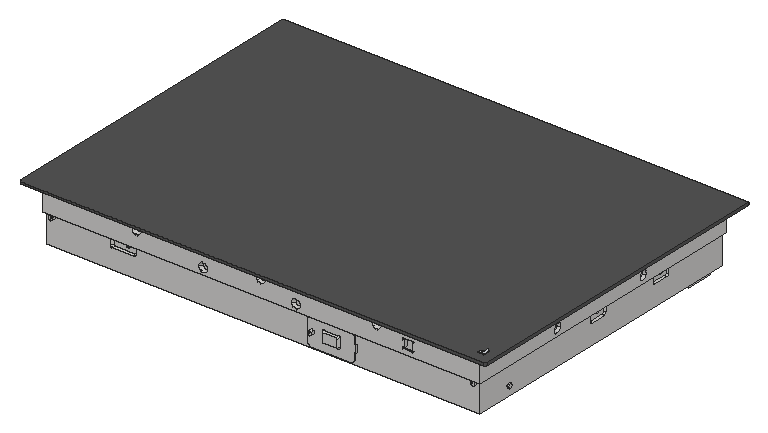
Revit family "P210876JX-013_JEC4430KB", category Specialty Equipment, Revit 2026
Family settings
  Round Connector Dimension = Use Diameter
  Part Type = Normal
  Work Plane-Based = No
  Enable Cutting in Views = No
  Always vertical = Yes
  Cut with Voids When Loaded = No
  Maintain Annotation Orientation = No
  Shared = No
  Room Calculation Point = No
Parameters (values of type "JEC4430KB")
  Width = 30 13/16"
  Voltage = 0 V
  URL = ""
  Side Border Material = ARCAT - Metal - Steel - Stainless Black
  Model = "JEC4430KB"
  Manufacturer = "JennAir"
  Logo Material = ARCAT - Metal - Steel - White
  Installation-Fabrication = "https://www.whirlpool.com/content/dam/global/documents/202005/installation-instructions-w11439183-reva.pdf\r\nhttps://www.whirlpool.com/content/dam/global/documents/202005/installation-instructions-w11439183-reva.pdf"
  Height = 5 1/4"
  Feature 3 = "12\"/9\"/6\" Triple-Choice™ Element\r\nÉlément Triple-Choice™ de 12 po/9 po/6 po"
  Feature 2 = "Versatile Installation\r\nVersatile Installation"
  Feature 1 = "Most Powerful Radiant Cooktop In Its Class\r\nMost Powerful Radiant Cooktop In Its Class"
  Family Name = "Electric Built-In Cooktop"
  Energy Guide = ""
  Drawn By = ""
  Dimension Guide = ""
  Description = "Oblivion 30\" Electric Radiant Cooktop with Emotive Controls\r\nOblivion 30\" Electric Radiant Cooktop with Emotive Controls"
  Depth = 21 3/4"
  Default Elevation = 0"
  Copyright = ""
  Cooktop Glass Material = ARCAT - Glass - Tempered - Black Light
  Body Material = ARCAT - Metal - Steel - Stainless
  Amps = 0 A
Reference planes (in)
  plane 1 "Center (Front/Back)": y = 0
  plane 2: z = 0
  plane 3 "Center (Left/Right)": x = 0
  plane 4: z = 0
  plane 5: z = 0
  plane 6: z = 3.75
  plane 7: x = 15.40625
  plane 8: x = -15.40625
  plane 9: y = -21.75
  plane 10: z = -1.5
Forms (in)
  Extrusion 1, solid, material "ARCAT - Metal - Steel - Stainless" <- "Body Material"
    sketch origin (-60.41868, -180, 3.4) x (-1, 0, 0) y (0, -1, 0)
      loop
        line (-45.98373, -179.28617) -> (-45.98373, -158.96383) -> (-74.85363, -158.96383) -> (-74.85363, -179.28617) -> (-45.98373, -179.28617)
    from -1.48011 to 0.13008
  Extrusion 2, solid, material "ARCAT - Metal - Steel - Stainless" <- "Body Material"
    sketch origin (-60.41868, -180, 1.95) x (-1, 0, 0) y (0, -1, 0)
      loop
        line (-74.70325, -179.10613) -> (-46.13411, -179.10613) -> (-46.13411, -159.14387) -> (-74.70325, -159.14387) -> (-74.70325, -179.10613)
    from -1.95 to -0.03011
  Blend 3, void
    base sketch origin (14.43495, -1.49508, 2.55117) x (0, 1, 0) y (0, 0, -1)
      loop
        circle (-15.93157, -0.46189) r 0.29844
    top sketch origin (14.43495, -1.49508, 2.55117) x (0, -1, 0) y (0, 0, -1)
      loop
        circle (15.93157, -0.46189) r 0.14844
    from 0 to 0.19922
  Blend 4, void
    base sketch origin (-25.59375, -21.03617, 3.65) x (-1, 0, 0) y (0, 0, 1)
      loop
        circle (-17.37755, -0.59831) r 0.30058
    top sketch origin (-25.59375, -21.03617, 3.65) x (-1, 0, 0) y (0, 0, 1)
      loop
        circle (-17.37755, -0.59831) r 0.19922
    from 0 to 0.19922
  Blend 5, void
    base sketch origin (-15.63998, -21.03617, 3.12955) x (-1, 0, 0) y (0, 0, 1)
      loop
        circle (-11.83495, -0.7585) r 0.30058
    top sketch origin (-15.63998, -21.03617, 3.12955) x (-1, 0, 0) y (0, 0, 1)
      loop
        circle (-11.83495, -0.7585) r 0.19922
    from 0 to 0.19922
  Blend 6, void
    base sketch origin (25.03125, -21.03617, 3.65) x (1, 0, 0) y (0, 0, -1)
      loop
        circle (-17.37755, 0.59831) r 0.30058
    top sketch origin (25.03125, -21.03617, 3.65) x (1, 0, 0) y (0, 0, -1)
      loop
        circle (-17.37755, 0.59831) r 0.19922
    from 0 to 0.19922
  Extrusion 7, solid, material "ARCAT - Metal - Steel - Stainless" <- "Body Material"
    sketch origin (13.16406, -20.85613, 1.95) x (-1, 0, 0) y (0, 0, -1)
      loop
        line (10.0177, 0.08015) -> (10.1862, 0.24865) -> (10.1862, 1.719) -> (10.0177, 1.8875) -> (7.28143, 1.8875) -> (7.11293, 1.719) -> (7.11293, 1.219) -> (7.02209, 1.219) -> (7.02209, 0.71854) -> (7.11293, 0.71854) -> (7.11293, 0.24865) -> (7.28143, 0.08015) -> (10.0177, 0.08015)
    from 0 to 0.02481
  Blend 8, solid, material "ARCAT - Metal - Steel - Stainless" <- "Body Material"
    base sketch origin (13.04754, -20.88094, 4.08405) x (-1, 0, 0) y (0, 0, -1)
      loop
        arc (9.04273, 2.72783) -> (9.07587, 2.74155) -> (9.0896, 2.7747) r 0.04688
        line (9.0896, 2.7747) -> (9.0896, 3.43095)
        arc (9.0896, 3.43095) -> (9.07587, 3.4641) -> (9.04273, 3.47783) r 0.04688
        line (9.04273, 3.47783) -> (8.02337, 3.47783)
        arc (8.02337, 3.47783) -> (7.99022, 3.4641) -> (7.97649, 3.43095) r 0.04688
        line (7.97649, 3.43095) -> (7.97649, 2.7747)
        arc (7.97649, 2.7747) -> (7.99022, 2.74155) -> (8.02337, 2.72783) r 0.04688
        line (8.02337, 2.72783) -> (9.04273, 2.72783)
    top sketch origin (13.04754, -20.88094, 4.08405) x (-1, 0, 0) y (0, 0, -1)
      loop
        line (9.01929, 2.84501) -> (9.01929, 3.36064)
        arc (9.01929, 3.36064) -> (9.00556, 3.39378) -> (8.97242, 3.40751) r 0.04688
        line (8.97242, 3.40751) -> (8.09368, 3.40751)
        arc (8.09368, 3.40751) -> (8.06053, 3.39378) -> (8.0468, 3.36064) r 0.04688
        line (8.0468, 3.36064) -> (8.0468, 2.84501)
        arc (8.0468, 2.84501) -> (8.06053, 2.81187) -> (8.09368, 2.79814) r 0.04688
        line (8.09368, 2.79814) -> (8.97242, 2.79814)
        arc (8.97242, 2.79814) -> (9.00556, 2.81187) -> (9.01929, 2.84501) r 0.04688
    from 0 to 0.13144
  Extrusion 9, solid, material "ARCAT - Metal - Steel - Stainless" <- "Body Material"
    sketch origin (13.17969, -20.88094, 1.95) x (-1, 0, 0) y (0, 0, -1)
      loop
        line (10.08049, 0.89697) -> (10.08049, 1.04058) -> (9.95612, 1.11238) -> (9.83175, 1.04058) -> (9.83175, 0.89697) -> (9.95612, 0.82516) -> (10.08049, 0.89697)
      loop
        circle (9.95612, 0.96877) r 0.06531
    from 0 to 0.16605
  Extrusion 10, solid, material "ARCAT - Metal - Steel - Stainless" <- "Body Material"
    sketch origin (16.75781, -20.85613, 2.12187) x (-1, 0, 0) y (0, 0, -1)
      loop
        line (30.80666, 0.321) -> (30.80666, 0.46534) -> (30.68166, 0.53751) -> (30.55666, 0.46534) -> (30.55666, 0.321) -> (30.68166, 0.24883) -> (30.80666, 0.321)
      loop
        circle (30.68166, 0.39317) r 0.04258
    from 0 to 0.13726
  Blend 11, void
    base sketch origin (14.43495, -20.31742, 2.55117) x (0, -1, 0) y (0, 0, 1)
      loop
        circle (-15.77532, 0.46189) r 0.29844
    top sketch origin (14.43495, -20.31742, 2.55117) x (0, 1, 0) y (0, 0, 1)
      loop
        circle (15.77532, 0.46189) r 0.14844
    from 0 to 0.19922
  Blend 12, void
    base sketch origin (14.43495, 1.33055, 2.0845) x (0, 1, 0) y (0, 0, -1)
      loop
        circle (-15.93157, -0.3017) r 0.29844
    top sketch origin (14.43495, 1.33055, 2.0845) x (0, -1, 0) y (0, 0, -1)
      loop
        circle (15.93157, -0.3017) r 0.14844
    from 0 to 0.19922
  Blend 13, void
    base sketch origin (14.43495, -23.33055, 2.0845) x (0, -1, 0) y (0, 0, 1)
      loop
        circle (-15.77532, 0.3017) r 0.29844
    top sketch origin (14.43495, -23.33055, 2.0845) x (0, 1, 0) y (0, 0, 1)
      loop
        circle (15.77532, 0.3017) r 0.14844
    from 0 to 0.19922
  Blend 14, void
    base sketch origin (-11.4747, -20.85613, 1.95) x (1, 0, 0) y (0, 0, -1)
      loop
        line (1.48139, 0.03011) -> (3.00313, 0.03011) -> (3.00313, 0.4561)
        arc (3.00313, 0.4561) -> (2.9723, 0.53053) -> (2.89787, 0.56136) r 0.10526
        line (2.89787, 0.56136) -> (1.58665, 0.56136)
        arc (1.58665, 0.56136) -> (1.51222, 0.53053) -> (1.48139, 0.4561) r 0.10526
        line (1.48139, 0.4561) -> (1.48139, 0.03011)
    top sketch origin (-11.4747, -20.85613, 1.95) x (-1, 0, 0) y (0, 0, -1)
      loop
        line (-1.36726, 0.03011) -> (-1.36726, 0.51136)
        arc (-1.36726, 0.51136) -> (-1.41165, 0.61853) -> (-1.51882, 0.66292) r 0.15156
        line (-1.51882, 0.66292) -> (-2.9657, 0.66292)
        arc (-2.9657, 0.66292) -> (-3.07287, 0.61853) -> (-3.11726, 0.51136) r 0.15156
        line (-3.11726, 0.51136) -> (-3.11726, 0.03011) -> (-1.36726, 0.03011)
    from 0.125 to 0
  Extrusion 15, solid, material "ARCAT - Metal - Steel - Stainless" <- "Body Material"
    sketch origin (-12.03452, -20.73113, 1.91875) x (-1, 0, 0) y (0, 0, -1)
      loop
        line (-3.03182, 0.0836) -> (-3.03182, 0.19476) -> (-3.1281, 0.25035) -> (-3.22437, 0.19476) -> (-3.22437, 0.0836) -> (-3.1281, 0.02801) -> (-3.03182, 0.0836)
      loop
        circle (-3.1281, 0.13918) r 0.0328
    from 0 to 0.125
  Extrusion 16, solid, material "ARCAT - Metal - Steel - Stainless" <- "Body Material"
    sketch origin (14.15957, 13.55848, 1.95) x (0, -1, 0) y (0, 0, -1)
      loop
        line (19.53792, 0.10427) -> (19.53792, 0.20888) -> (19.44733, 0.26118) -> (19.35674, 0.20888) -> (19.35674, 0.10427) -> (19.44733, 0.05197) -> (19.53792, 0.10427)
      loop
        circle (19.44733, 0.15657) r 0.0328
    from 0 to 0.125
  Blend 17, void
    base sketch origin (-14.60625, -0.6875, 3.7125) x (-1, 0, 0) y (0, 0, -1)
      loop
        circle (-14.60625, 0.72839) r 0.30058
    top sketch origin (-14.60625, -0.6875, 3.7125) x (-1, 0, 0) y (0, 0, -1)
      loop
        circle (-14.60625, 0.72839) r 0.19922
    from 0 to 0.19922
  Extrusion 18, void
    sketch origin (-19.87755, -0.6875, 3.4) x (-1, 0, 0) y (0, 0, -1)
      loop
        line (-29.92152, 1.19027) -> (-29.97945, 1.19027)
        arc (-29.97945, 1.19027) -> (-30.03644, 1.13328) -> (-29.97945, 1.07628) r 0.05699
        line (-29.97945, 1.07628) -> (-29.86924, 1.07628) -> (-29.86924, 0.64391) -> (-29.97945, 0.64391)
        arc (-29.97945, 0.64391) -> (-30.03644, 0.58692) -> (-29.97945, 0.52992) r 0.05699
        line (-29.97945, 0.52992) -> (-29.86924, 0.52992) -> (-29.26224, 0.52992)
        arc (-29.26224, 0.52992) -> (-29.20524, 0.58692) -> (-29.26224, 0.64391) r 0.05699
        line (-29.26224, 0.64391) -> (-29.37245, 0.64391) -> (-29.37245, 1.07628) -> (-29.26224, 1.07628)
        arc (-29.26224, 1.07628) -> (-29.20524, 1.13328) -> (-29.26224, 1.19027) r 0.05699
        line (-29.26224, 1.19027) -> (-29.92152, 1.19027)
    from 0 to 0.15625
  Extrusion 19, solid, material "ARCAT - Metal - Steel - Stainless" <- "Body Material"
    sketch origin (16.75781, -0.89387, 1.95) x (-1, 0, 0) y (0, 0, 1)
      loop
        line (30.80666, -0.14913) -> (30.68166, -0.07696) -> (30.55666, -0.14913) -> (30.55666, -0.29346) -> (30.68166, -0.36563) -> (30.80666, -0.29346) -> (30.80666, -0.14913)
      loop
        circle (30.68166, -0.22129) r 0.04258
    from 0 to 0.13672
  Extrusion 20, solid, material "ARCAT - Metal - Steel - Stainless" <- "Body Material"
    sketch origin (19.35156, -1.01887, 1.95) x (-1, 0, 0) y (0, 0, 1)
      loop
        line (28.73799, -0.14724) -> (28.64172, -0.09165) -> (28.54544, -0.14724) -> (28.54544, -0.25841) -> (28.64172, -0.31399) -> (28.73799, -0.25841) -> (28.73799, -0.14724)
      loop
        circle (28.64172, -0.20282) r 0.0328
    from 0 to 0.125
  Blend 21, void
    base sketch origin (12.01732, -0.6875, 3.12955) x (1, 0, 0) y (0, 0, 1)
      loop
        circle (-14.60625, -0.72839) r 0.30058
    top sketch origin (12.01732, -0.6875, 3.12955) x (1, 0, 0) y (0, 0, 1)
      loop
        circle (-14.60625, -0.72839) r 0.19922
    from 0 to 0.19922
  Blend 22, void
    base sketch origin (-14.43495, -1.625, 3.4) x (0, 1, 0) y (0, 0, 1)
      loop
        circle (-15.80165, -0.38694) r 0.29844
    top sketch origin (-14.43495, -1.625, 3.4) x (0, -1, 0) y (0, 0, 1)
      loop
        circle (15.80165, -0.38694) r 0.14844
    from 0 to 0.19922
  Blend 23, void
    base sketch origin (-14.43495, -0.75, 3.4) x (0, 1, 0) y (0, 0, 1)
      loop
        circle (-3.7921, -0.38694) r 0.29844
    top sketch origin (-14.43495, -0.75, 3.4) x (0, -1, 0) y (0, 0, 1)
      loop
        circle (3.7921, -0.38694) r 0.14844
    from 0 to 0.19922
  Blend 24, void
    base sketch origin (-14.43495, -1.625, 3.4) x (0, 1, 0) y (0, 0, 1)
      loop
        circle (-12.97602, -1.01379) r 0.29844
    top sketch origin (-14.43495, -1.625, 3.4) x (0, -1, 0) y (0, 0, 1)
      loop
        circle (12.97602, -1.01379) r 0.14844
    from 0 to 0.19922
  Blend 25, void
    base sketch origin (-14.43495, -1.125, 3.4) x (0, 1, 0) y (0, 0, 1)
      loop
        circle (-6.43023, -1.01379) r 0.29844
    top sketch origin (-14.43495, -1.125, 3.4) x (0, -1, 0) y (0, 0, 1)
      loop
        circle (6.43023, -1.01379) r 0.14844
    from 0 to 0.19922
  Extrusion 26, solid, material "ARCAT - Glass - Tempered - Black Light" <- "Cooktop Glass Material"
    sketch origin (-17.73791, -0.5, 3.65989) x (0, -1, 0) y (1, 0, 0)
      loop
        arc (-0.5, 2.43323) -> (-0.47025, 2.36141) -> (-0.39844, 2.33166) r 0.10156
        line (-0.39844, 2.33166) -> (21.14844, 2.33166)
        arc (21.14844, 2.33166) -> (21.22025, 2.36141) -> (21.25, 2.43323) r 0.10156
        line (21.25, 2.43323) -> (21.25, 33.0426)
        arc (21.25, 33.0426) -> (21.22025, 33.11442) -> (21.14844, 33.14416) r 0.10156
        line (21.14844, 33.14416) -> (-0.39844, 33.14416)
        arc (-0.39844, 33.14416) -> (-0.47025, 33.11442) -> (-0.5, 33.0426) r 0.10156
        line (-0.5, 33.0426) -> (-0.5, 2.43323)
    from -0.05994 to 0.09011
  Extrusion 27, solid, material "ARCAT - Metal - Steel - Stainless" <- "Body Material"
    sketch origin (0, 10.7608, -0.22093) x (0, 1, 0) y (-1, 0, 0)
      loop
        line (-28.25301, 11.32759) -> (-30.02838, 9.55222) -> (-30.02838, -9.42722) -> (-28.25301, -11.20259) -> (-15.92546, -11.20259) -> (-14.15009, -9.42722) -> (-14.15009, -1.89095) -> (-14.43043, -1.61061) -> (-16.65009, -1.61061) -> (-16.65009, 2.61061) -> (-14.43043, 2.61061) -> (-14.15009, 2.89095) -> (-14.15009, 7.04725) -> (-14.43043, 7.32759) -> (-16.65009, 7.32759) -> (-16.65009, 11.04725) -> (-16.93043, 11.32759) -> (-28.25301, 11.32759)
      loop
        circle (-17.5982, 7.91306) r 0.38834
      loop
        circle (-15.73896, -6.50497) r 0.38834
      loop
        circle (-28.06451, -1.75497) r 0.38834
      loop
        circle (-22.26135, -0.05226) r 0.38834
      loop
        circle (-22.93884, -8.54604) r 0.38834
      loop
        circle (-28.06451, 7.91306) r 0.38834
    from 0 to -0.04012
  Revolve 28, solid, material "ARCAT - Metal - Steel - Stainless" <- "Body Material"
    sketch origin (19.22767, -17.3037, 3.4) x (-1, 0, 0) y (0, 0, -1)
      loop
        arc (27.22125, 3.4) -> (27.29919, 3.41147) -> (27.37053, 3.4449) r 0.27063
        arc (27.37053, 3.4449) -> (27.43699, 3.50321) -> (27.48535, 3.57722) r 0.32629
        arc (27.48535, 3.57722) -> (27.50343, 3.60285) -> (27.52906, 3.62093) r 0.09202
        line (27.52906, 3.62093) -> (27.14072, 3.62093) -> (27.14072, 3.4) -> (27.22125, 3.4)
      axis (27.14072, 3.4) -> (27.14072, 3.62093)
    angle from 0 to 360
  Blend 29, void
    base sketch origin (-10.64232, -0.6875, 3.12955) x (-1, 0, 0) y (0, 0, -1)
      loop
        circle (-14.60625, 0.72839) r 0.30058
    top sketch origin (-10.64232, -0.6875, 3.12955) x (-1, 0, 0) y (0, 0, -1)
      loop
        circle (-14.60625, 0.72839) r 0.19922
    from 0 to 0.19922
  Blend 30, void
    base sketch origin (23.09375, -0.6875, 3.7125) x (1, 0, 0) y (0, 0, 1)
      loop
        circle (-14.60625, -0.72839) r 0.30058
    top sketch origin (23.09375, -0.6875, 3.7125) x (1, 0, 0) y (0, 0, 1)
      loop
        circle (-14.60625, -0.72839) r 0.19922
    from 0 to 0.19922
  Extrusion 31, solid, material "ARCAT - Metal - Steel - Stainless" <- "Body Material"
    sketch origin (-17.73791, -0.5, 3.59995) x (1, 0, 0) y (0, -1, 0)
      loop
        line (3.30296, 0.21383) -> (3.30296, -0.14597) -> (3.44226, -0.28526) -> (32.03357, -0.28526) -> (32.17286, -0.14597) -> (32.17286, 0.21383) -> (3.30296, 0.21383)
      loop
        line (3.30296, 20.53617) -> (32.17286, 20.53617) -> (32.17286, 20.89597) -> (32.03357, 21.03526) -> (3.44226, 21.03526) -> (3.30296, 20.89597) -> (3.30296, 20.53617)
    from 0 to 0.06987
  Extrusion 32, solid, material "ARCAT - Metal - Steel - Stainless" <- "Body Material"
    sketch origin (-32.42241, 14.1845, 3.59995) x (1, 0, 0) y (0, -1, 0)
      loop
        line (17.98746, 14.89832) -> (17.98746, 35.22067) -> (17.41259, 35.22067) -> (17.27329, 35.08137) -> (17.27329, 15.03762) -> (17.41259, 14.89832) -> (17.98746, 14.89832)
    from 0 to 0.06987
  Extrusion 33, solid, material "ARCAT - Metal - Steel - Stainless" <- "Body Material"
    sketch origin (32.42241, 14.1845, 3.59995) x (1, 0, 0) y (0, -1, 0)
      loop
        line (-17.98746, 14.89832) -> (-17.41259, 14.89832) -> (-17.27329, 15.03762) -> (-17.27329, 35.08137) -> (-17.41259, 35.22067) -> (-17.98746, 35.22067) -> (-17.98746, 14.89832)
    from 0 to 0.06987
  Blend 34, void
    base sketch origin (-17.37755, -21.03617, 3.65) x (-1, 0, 0) y (0, 0, 1)
      loop
        circle (-17.37755, -0.59831) r 0.30058
    top sketch origin (-17.37755, -21.03617, 3.65) x (-1, 0, 0) y (0, 0, 1)
      loop
        circle (-17.37755, -0.59831) r 0.19922
    from 0 to 0.19922
  Extrusion 35, void
    sketch origin (-17.10625, -21.03617, 3.4) x (-1, 0, 0) y (0, 0, 1)
      loop
        line (-27.09794, -0.52992) -> (-27.20815, -0.52992)
        arc (-27.20815, -0.52992) -> (-27.26514, -0.58692) -> (-27.20815, -0.64391) r 0.05699
        line (-27.20815, -0.64391) -> (-27.09794, -0.64391) -> (-27.09794, -1.07628) -> (-27.20815, -1.07628)
        arc (-27.20815, -1.07628) -> (-27.26514, -1.13328) -> (-27.20815, -1.19027) r 0.05699
        line (-27.20815, -1.19027) -> (-27.15022, -1.19027) -> (-26.49094, -1.19027)
        arc (-26.49094, -1.19027) -> (-26.43394, -1.13328) -> (-26.49094, -1.07628) r 0.05699
        line (-26.49094, -1.07628) -> (-26.60115, -1.07628) -> (-26.60115, -0.64391) -> (-26.49094, -0.64391)
        arc (-26.49094, -0.64391) -> (-26.43394, -0.58692) -> (-26.49094, -0.52992) r 0.05699
        line (-26.49094, -0.52992) -> (-27.09794, -0.52992)
    from 0 to 0.15625
  Blend 36, void
    base sketch origin (-9.51498, -21.03617, 3.12955) x (-1, 0, 0) y (0, 0, 1)
      loop
        circle (-11.83495, -0.7585) r 0.30058
    top sketch origin (-9.51498, -21.03617, 3.12955) x (-1, 0, 0) y (0, 0, 1)
      loop
        circle (-11.83495, -0.7585) r 0.19922
    from 0 to 0.19922
  Revolve 37, solid, material "ARCAT - Metal - Steel - Stainless" <- "Body Material"
    sketch origin (28.89569, -17.3037, 3.4) x (-1, 0, 0) y (0, 0, -1)
      loop
        arc (27.22125, 3.4) -> (27.29919, 3.41147) -> (27.37053, 3.4449) r 0.27063
        arc (27.37053, 3.4449) -> (27.43699, 3.50321) -> (27.48535, 3.57722) r 0.32629
        arc (27.48535, 3.57722) -> (27.50343, 3.60285) -> (27.52906, 3.62093) r 0.09202
        line (27.52906, 3.62093) -> (27.14072, 3.62093) -> (27.14072, 3.4) -> (27.22125, 3.4)
      axis (27.14072, 3.4) -> (27.14072, 3.62093)
    angle from 0 to 360
  Revolve 38, solid, material "ARCAT - Metal - Steel - Stainless" <- "Body Material"
    sketch origin (27.19298, -11.50055, 3.4) x (-1, 0, 0) y (0, 0, -1)
      loop
        arc (27.22125, 3.4) -> (27.29919, 3.41147) -> (27.37053, 3.4449) r 0.27063
        arc (27.37053, 3.4449) -> (27.43699, 3.50321) -> (27.48535, 3.57722) r 0.32629
        arc (27.48535, 3.57722) -> (27.50343, 3.60285) -> (27.52906, 3.62093) r 0.09202
        line (27.52906, 3.62093) -> (27.14072, 3.62093) -> (27.14072, 3.4) -> (27.22125, 3.4)
      axis (27.14072, 3.4) -> (27.14072, 3.62093)
    angle from 0 to 360
  Revolve 39, solid, material "ARCAT - Metal - Steel - Stainless" <- "Body Material"
    sketch origin (19.22767, -6.8374, 3.4) x (-1, 0, 0) y (0, 0, -1)
      loop
        arc (27.22125, 3.4) -> (27.29919, 3.41147) -> (27.37053, 3.4449) r 0.27063
        arc (27.37053, 3.4449) -> (27.43699, 3.50321) -> (27.48535, 3.57722) r 0.32629
        arc (27.48535, 3.57722) -> (27.50343, 3.60285) -> (27.52906, 3.62093) r 0.09202
        line (27.52906, 3.62093) -> (27.14072, 3.62093) -> (27.14072, 3.4) -> (27.22125, 3.4)
      axis (27.14072, 3.4) -> (27.14072, 3.62093)
    angle from 0 to 360
  Revolve 40, solid, material "ARCAT - Metal - Steel - Stainless" <- "Body Material"
    sketch origin (33.64569, -4.97816, 3.4) x (-1, 0, 0) y (0, 0, -1)
      loop
        arc (27.22125, 3.4) -> (27.29919, 3.41147) -> (27.37053, 3.4449) r 0.27063
        arc (27.37053, 3.4449) -> (27.43699, 3.50321) -> (27.48535, 3.57722) r 0.32629
        arc (27.48535, 3.57722) -> (27.50343, 3.60285) -> (27.52906, 3.62093) r 0.09202
        line (27.52906, 3.62093) -> (27.14072, 3.62093) -> (27.14072, 3.4) -> (27.22125, 3.4)
      axis (27.14072, 3.4) -> (27.14072, 3.62093)
    angle from 0 to 360
  Revolve 41, solid, material "ARCAT - Metal - Steel - Stainless" <- "Body Material"
    sketch origin (35.68676, -12.17804, 3.4) x (-1, 0, 0) y (0, 0, -1)
      loop
        arc (27.22125, 3.4) -> (27.29919, 3.41147) -> (27.37053, 3.4449) r 0.27063
        arc (27.37053, 3.4449) -> (27.43699, 3.50321) -> (27.48535, 3.57722) r 0.32629
        arc (27.48535, 3.57722) -> (27.50343, 3.60285) -> (27.52906, 3.62093) r 0.09202
        line (27.52906, 3.62093) -> (27.14072, 3.62093) -> (27.14072, 3.4) -> (27.22125, 3.4)
      axis (27.14072, 3.4) -> (27.14072, 3.62093)
    angle from 0 to 360
  Blend 42, void
    base sketch origin (14.28457, 13.55848, 1.95) x (0, 1, 0) y (0, 0, -1)
      loop
        arc (-19.92002, 0.56136) -> (-19.99445, 0.53053) -> (-20.02528, 0.4561) r 0.10526
        line (-20.02528, 0.4561) -> (-20.02528, 0.03011) -> (-18.87651, 0.03011) -> (-18.87651, 0.4561)
        arc (-18.87651, 0.4561) -> (-18.90734, 0.53053) -> (-18.98177, 0.56136) r 0.10526
        line (-18.98177, 0.56136) -> (-19.92002, 0.56136)
    top sketch origin (14.28457, 13.55848, 1.95) x (0, -1, 0) y (0, 0, -1)
      loop
        line (20.13941, 0.03011) -> (20.13941, 0.51136)
        arc (20.13941, 0.51136) -> (20.09502, 0.61853) -> (19.98784, 0.66292) r 0.15156
        line (19.98784, 0.66292) -> (18.91394, 0.66292)
        arc (18.91394, 0.66292) -> (18.80677, 0.61853) -> (18.76238, 0.51136) r 0.15156
        line (18.76238, 0.51136) -> (18.76238, 0.03011) -> (20.13941, 0.03011)
    from 0.125 to 0
  Extrusion 43, solid, material "ARCAT - Metal - Steel - Stainless" <- "Body Material"
    sketch origin (14.15957, 13.55848, 1.95) x (0, -1, 0) y (0, 0, -1)
      loop
        line (24.72542, 0.10427) -> (24.72542, 0.20888) -> (24.63483, 0.26118) -> (24.54424, 0.20888) -> (24.54424, 0.10427) -> (24.63483, 0.05197) -> (24.72542, 0.10427)
      loop
        circle (24.63483, 0.15657) r 0.0328
    from 0 to 0.125
  Blend 44, void
    base sketch origin (14.28457, 8.37098, 1.95) x (0, 1, 0) y (0, 0, -1)
      loop
        arc (-19.92002, 0.56136) -> (-19.99445, 0.53053) -> (-20.02528, 0.4561) r 0.10526
        line (-20.02528, 0.4561) -> (-20.02528, 0.03011) -> (-18.87651, 0.03011) -> (-18.87651, 0.4561)
        arc (-18.87651, 0.4561) -> (-18.90734, 0.53053) -> (-18.98177, 0.56136) r 0.10526
        line (-18.98177, 0.56136) -> (-19.92002, 0.56136)
    top sketch origin (14.28457, 8.37098, 1.95) x (0, -1, 0) y (0, 0, -1)
      loop
        line (20.13941, 0.03011) -> (20.13941, 0.51136)
        arc (20.13941, 0.51136) -> (20.09502, 0.61853) -> (19.98784, 0.66292) r 0.15156
        line (19.98784, 0.66292) -> (18.91394, 0.66292)
        arc (18.91394, 0.66292) -> (18.80677, 0.61853) -> (18.76238, 0.51136) r 0.15156
        line (18.76238, 0.51136) -> (18.76238, 0.03011) -> (20.13941, 0.03011)
    from 0.125 to 0
  Extrusion 45, void
    sketch origin (19.87755, -0.6875, 3.4) x (1, 0, 0) y (0, 0, 1)
      loop
        line (-29.92152, -1.19027) -> (-29.26224, -1.19027)
        arc (-29.26224, -1.19027) -> (-29.20524, -1.13328) -> (-29.26224, -1.07628) r 0.05699
        line (-29.26224, -1.07628) -> (-29.37245, -1.07628) -> (-29.37245, -0.64391) -> (-29.26224, -0.64391)
        arc (-29.26224, -0.64391) -> (-29.20524, -0.58692) -> (-29.26224, -0.52992) r 0.05699
        line (-29.26224, -0.52992) -> (-29.86924, -0.52992) -> (-29.97945, -0.52992)
        arc (-29.97945, -0.52992) -> (-30.03644, -0.58692) -> (-29.97945, -0.64391) r 0.05699
        line (-29.97945, -0.64391) -> (-29.86924, -0.64391) -> (-29.86924, -1.07628) -> (-29.97945, -1.07628)
        arc (-29.97945, -1.07628) -> (-30.03644, -1.13328) -> (-29.97945, -1.19027) r 0.05699
        line (-29.97945, -1.19027) -> (-29.92152, -1.19027)
    from 0 to 0.15625
  Blend 46, void
    base sketch origin (-22.96875, -0.6875, 3.7125) x (-1, 0, 0) y (0, 0, -1)
      loop
        circle (-14.60625, 0.72839) r 0.30058
    top sketch origin (-22.96875, -0.6875, 3.7125) x (-1, 0, 0) y (0, 0, -1)
      loop
        circle (-14.60625, 0.72839) r 0.19922
    from 0 to 0.19922
  Blend 47, void
    base sketch origin (19.32031, -0.89387, 1.95) x (1, 0, 0) y (0, 0, 1)
      loop
        line (-29.07235, -0.03125) -> (-29.07235, -0.44141)
        arc (-29.07235, -0.44141) -> (-29.02773, -0.54913) -> (-28.92001, -0.59375) r 0.15234
        line (-28.92001, -0.59375) -> (-28.27157, -0.59375)
        arc (-28.27157, -0.59375) -> (-28.16385, -0.54913) -> (-28.11923, -0.44141) r 0.15234
        line (-28.11923, -0.44141) -> (-28.11923, -0.03125) -> (-29.07235, -0.03125)
    top sketch origin (19.32031, -0.89387, 1.95) x (-1, 0, 0) y (0, 0, 1)
      loop
        line (29.18954, -0.03125) -> (27.98642, -0.03125) -> (27.98642, -0.54375)
        arc (27.98642, -0.54375) -> (28.03081, -0.65092) -> (28.13798, -0.69531) r 0.15156
        line (28.13798, -0.69531) -> (29.03798, -0.69531)
        arc (29.03798, -0.69531) -> (29.14515, -0.65092) -> (29.18954, -0.54375) r 0.15156
        line (29.18954, -0.54375) -> (29.18954, -0.03125)
    from 0.125 to 0
  Extrusion 48, solid, material "ARCAT - Metal - Steel - Stainless" <- "Body Material"
    sketch origin (14.28457, -14.20676, 0.80557) x (0, -1, 0) y (0, 0, -1)
      loop
        line (4.21034, 0.28157) -> (4.13817, 0.15657) -> (4.21034, 0.03157) -> (4.35467, 0.03157) -> (4.42684, 0.15657) -> (4.35467, 0.28157) -> (4.21034, 0.28157)
      loop
        circle (4.2825, 0.15657) r 0.04258
    from 0 to 0.125
  Extrusion 49, solid, material "ARCAT - Metal - Steel - Stainless" <- "Body Material"
    sketch origin (-16.75781, -20.85613, 2.12187) x (1, 0, 0) y (0, 0, 1)
      loop
        line (30.80666, -0.321) -> (30.68166, -0.24883) -> (30.55666, -0.321) -> (30.55666, -0.46534) -> (30.68166, -0.53751) -> (30.80666, -0.46534) -> (30.80666, -0.321)
      loop
        circle (30.68166, -0.39317) r 0.04258
    from 0 to 0.13726
  Extrusion 50, solid, material "ARCAT - Metal - Steel - Stainless" <- "Body Material"
    sketch origin (-16.75781, -0.89387, 1.95) x (1, 0, 0) y (0, 0, -1)
      loop
        line (30.80666, 0.14913) -> (30.80666, 0.29346) -> (30.68166, 0.36563) -> (30.55666, 0.29346) -> (30.55666, 0.14913) -> (30.68166, 0.07696) -> (30.80666, 0.14913)
      loop
        circle (30.68166, 0.22129) r 0.04258
    from 0 to 0.13672
  Extrusion 51, solid, material "ARCAT - Metal - Steel - Stainless" <- "Body Material"
    sketch origin (-60.12673, -181.90595, 0) x (0, -1, 0) y (-1, 0, 0)
      loop
        line (-178.7537, -72.39902) -> (-178.7537, -73.09317) -> (-178.41645, -73.04578)
        arc (-178.41645, -73.04578) -> (-178.15594, -72.74609) -> (-178.41645, -72.44641) r 0.30263
        line (-178.41645, -72.44641) -> (-178.7537, -72.39902)
    from 0 to 0.06359
  Extrusion 52, solid, material "ARCAT - Metal - Steel - Stainless" <- "Body Material"
    sketch origin (-60.12673, -181.90595, -0.06359) x (1, 0, 0) y (0, -1, 0)
      loop
        circle (72.74609, -178.45857) r 0.1584
    from 0 to 0.08562
  Extrusion 53, solid, material "ARCAT - Metal - Steel - Stainless" <- "Body Material"
    sketch origin (15.00592, -3.07022, 0) x (0, 1, 0) y (0, 0, 1)
      loop
        line (-0.08203, -0.27188) -> (-0.08203, 0) -> (-0.58994, 0) -> (-0.58994, -0.09175)
        arc (-0.58994, -0.09175) -> (-0.53718, -0.21912) -> (-0.40981, -0.27188) r 0.18013
        line (-0.40981, -0.27188) -> (-0.08203, -0.27188)
    from -1.84972 to -1.27383
  Extrusion 54, solid, material "ARCAT - Metal - Steel - Stainless" <- "Body Material"
    sketch origin (-60.41868, -180, 0) x (0, -1, 0) y (-1, 0, 0)
      loop
        line (-176.84774, -74.32952) -> (-176.84774, -72.51702) -> (-178.66214, -72.51702) -> (-178.66214, -74.32952) -> (-176.84774, -74.32952)
    from 0 to 0.46769
  Revolve 55, solid, material "ARCAT - Metal - Steel - Stainless" <- "Body Material"
    sketch origin (16.76396, -3.2665, 3.4) x (-1, 0, 0) y (0, 0, -1)
      loop
        line (26.83911, 3.41562) -> (26.83911, 4.9) -> (26.77858, 4.9)
        arc (26.77858, 4.9) -> (26.49775, 4.78368) -> (26.38144, 4.50286) r 0.39714
        line (26.38144, 4.50286) -> (26.38144, 3.41562) -> (26.83911, 3.41562)
      axis (26.83911, 3.41562) -> (26.83911, 4.9)
    angle from 0 to 360
  Extrusion 56, solid, material "ARCAT - Metal - Steel - Stainless" <- "Body Material"
    sketch origin (-15.34375, 36.77096, 47.99219) x (0, 1, 0) y (0, 0, 1)
      loop
        line (-40.48045, -48.8269) -> (-40.48045, -49.10103)
        arc (-40.48045, -49.10103) -> (-40.36831, -49.37177) -> (-40.09758, -49.48391) r 0.38287
        line (-40.09758, -49.48391) -> (-40.03744, -49.48391) -> (-39.97734, -49.48391)
        arc (-39.97734, -49.48391) -> (-39.70661, -49.37177) -> (-39.59447, -49.10103) r 0.38287
        line (-39.59447, -49.10103) -> (-39.59447, -48.8269) -> (-40.48045, -48.8269)
    from 4.0123 to 5.31723
  Extrusion 57, solid, material "ARCAT - Metal - Steel - Stainless" <- "Body Material"
    sketch origin (16.96875, -0.71383, 3.39219) x (-1, 0, 0) y (0, 0, 1)
      loop
        line (28.30002, -3.99357) -> (28.30002, -4.88828) -> (28.74099, -4.88828) -> (28.74099, -3.99357) -> (28.74099, -3.81113) -> (28.62543, -3.81113) -> (28.62543, -3.99357) -> (28.30002, -3.99357)
    from -3.45987 to -1.64547
  Extrusion 58, solid, material "ARCAT - Metal - Steel - Stainless" <- "Body Material"
    sketch origin (13.98613, -0.89387, 1.95) x (-1, 0, 0) y (0, 0, 1)
      loop
        circle (13.98613, -1.65036) r 0.25
    from 0 to 0.03125
  Extrusion 59, solid, material "ARCAT - Metal - Steel - Stainless" <- "Body Material"
    sketch origin (-60.41868, -180, 0) x (0, -1, 0) y (-1, 0, 0)
      loop
        line (-177.6407, -51.24979) -> (-175.82631, -51.24979) -> (-175.82631, -49.43729) -> (-177.6407, -49.43729) -> (-177.6407, -51.24979)
    from 0 to 0.01563
Cuts and joins
  Blend 3, Blend 4, Blend 5, Blend 6, Blend 11, Blend 12, Blend 13, Blend 14, Blend 17, Extrusion 18, Blend 21, Blend 22, Blend 23, Blend 24, Blend 25, Blend 29, Blend 30, Blend 34, Extrusion 35, Blend 36, Blend 42, Blend 44, Extrusion 45, Blend 46 cuts Extrusion 1
  Blend 14, Blend 42, Blend 44, Blend 47 cuts Extrusion 2
  Blend 42 cuts Extrusion 15
  joined: Revolve 55, Extrusion 56
Lines and regions (in)
  model lines
    curve 1: line (-9.08495, -21.03617, 1.91989) -> (-9.08495, -21.03617, 3.53008)
    curve 2: circle (3.22356, -20.88094, 0.98123) r 0.18177 normal (0, -1, 0)
    curve 3: circle (-13.92384, -20.85613, 1.72871) r 0.17188 normal (0, -1, 0)
    curve 4: line (-9.9116, -20.73113, 1.91989) -> (-9.9116, -20.73113, 1.66989)
    curve 5: line (-9.9116, -20.73113, 1.66989) -> (-9.75511, -20.73113, 1.48854)
    curve 6: line (-9.75511, -20.73113, 1.48854) -> (-8.77124, -20.73113, 1.48854)
    curve 7: line (-8.61475, -20.73113, 1.91989) -> (-8.61475, -20.73113, 1.66989)
    curve 8: line (-8.61475, -20.73113, 1.66989) -> (-8.77124, -20.73113, 1.48854)
    curve 9: circle (-8.90642, -20.73113, 1.77957) r 0.15998 normal (0, 1, 0)
    curve 10: line (14.15957, -6.34715, 1.91926) -> (14.15957, -6.34715, 1.66926)
    curve 11: line (14.15957, -6.34715, 1.66926) -> (14.15957, -6.23111, 1.50354)
    curve 12: line (14.15957, -6.23111, 1.50354) -> (14.15957, -5.54849, 1.50354)
    curve 13: line (14.15957, -5.43245, 1.91926) -> (14.15957, -5.43245, 1.66926)
    curve 14: line (14.15957, -5.43245, 1.66926) -> (14.15957, -5.54849, 1.50354)
    curve 15: circle (14.15957, -5.88885, 1.79343) r 0.15998 normal (-1, 0, 0)
    curve 16: line (-0.34746, -0.71383, 2.1174) -> (-0.34746, -0.71383, 1.91989)
    curve 17: line (0.34746, -0.71383, 2.1174) -> (-0.34746, -0.71383, 2.1174)
    curve 18: line (0.34746, -0.71383, 1.91989) -> (0.34746, -0.71383, 2.1174)
    curve 19: line (9.10625, -0.71383, 1.91708) -> (9.10625, -0.71383, 3.53008)
    curve 20: circle (-13.92384, -0.89387, 1.72871) r 0.17188 normal (0, -1, 0)
    curve 22: line (9.10625, -21.03617, 1.91989) -> (9.10625, -21.03617, 3.53008)
    curve 23: line (14.15957, -11.53465, 1.91926) -> (14.15957, -11.53465, 1.66926)
    curve 24: line (14.15957, -11.53465, 1.66926) -> (14.15957, -11.41861, 1.50354)
    curve 25: line (14.15957, -11.41861, 1.50354) -> (14.15957, -10.73599, 1.50354)
    curve 26: line (14.15957, -10.61995, 1.91926) -> (14.15957, -10.61995, 1.66926)
    curve 27: line (14.15957, -10.61995, 1.66926) -> (14.15957, -10.73599, 1.50354)
    curve 28: circle (14.15957, -11.07635, 1.79343) r 0.15998 normal (-1, 0, 0)
    curve 29: line (-9.10625, -0.71383, 1.91708) -> (-9.10625, -0.71383, 3.53008)
    curve 30: line (-8.88594, -1.01887, 1.91989) -> (-8.88594, -1.01887, 1.64011)
    curve 31: line (-9.03751, -1.01887, 1.48854) -> (-9.51344, -1.01887, 1.48854)
    curve 32: line (-9.66502, -1.01887, 1.91989) -> (-9.66502, -1.01887, 1.64011)
    curve 33: line (-9.51344, -1.01887, 1.48854) -> (-9.66502, -1.01887, 1.64011)
    curve 34: line (-9.03751, -1.01887, 1.48854) -> (-8.88594, -1.01887, 1.64011)
    curve 35: circle (14.28457, -18.48927, 0.649) r 0.17179 normal (-1, 0, 0)
    curve 36: circle (13.92384, -20.85613, 1.72871) r 0.17188 normal (0, 1, 0)
    curve 37: circle (13.92384, -0.89387, 1.72871) r 0.17188 normal (0, 1, 0)
    curve 38: line (-0.34746, -21.03617, 2.1174) -> (-0.34746, -21.03617, 1.91989)
    curve 39: line (0.34746, -21.03617, 2.1174) -> (-0.34746, -21.03617, 2.1174)
    curve 40: line (0.34746, -21.03617, 1.91989) -> (0.34746, -21.03617, 2.1174)
  model lines, style "Display Button Grey"
    curve 21: line (1.46825, -19.60755, 3.75) -> (13.83887, -19.60755, 3.75)
    curve 41: line (11.47108, -18.51809, 3.75) -> (11.91164, -18.51809, 3.75)
    curve 42: line (11.47108, -18.95865, 3.75) -> (11.47108, -18.51809, 3.75)
    curve 43: line (11.91164, -18.95865, 3.75) -> (11.47108, -18.95865, 3.75)
    curve 44: line (11.91164, -18.51809, 3.75) -> (11.91164, -18.95865, 3.75)
    curve 45: line (11.47108, -19.01809, 3.75) -> (11.91164, -19.01809, 3.75)
    curve 46: line (11.47108, -19.45865, 3.75) -> (11.47108, -19.01809, 3.75)
    curve 47: line (11.91164, -19.45865, 3.75) -> (11.47108, -19.45865, 3.75)
    curve 48: line (11.91164, -19.01809, 3.75) -> (11.91164, -19.45865, 3.75)
    curve 49: line (11.47108, -20.69701, 3.75) -> (11.91164, -20.69701, 3.75)
    curve 50: line (11.47108, -20.25645, 3.75) -> (11.47108, -20.69701, 3.75)
    curve 51: line (11.91164, -20.25645, 3.75) -> (11.47108, -20.25645, 3.75)
    curve 52: line (11.91164, -20.69701, 3.75) -> (11.91164, -20.25645, 3.75)
    curve 53: line (11.47108, -20.19701, 3.75) -> (11.91164, -20.19701, 3.75)
    curve 54: line (11.47108, -19.75645, 3.75) -> (11.47108, -20.19701, 3.75)
    curve 55: line (11.91164, -19.75645, 3.75) -> (11.47108, -19.75645, 3.75)
    curve 56: line (11.91164, -20.19701, 3.75) -> (11.91164, -19.75645, 3.75)
    curve 65: line (7.22108, -18.51809, 3.75) -> (7.66164, -18.51809, 3.75)
    curve 66: line (7.22108, -18.95865, 3.75) -> (7.22108, -18.51809, 3.75)
    curve 67: line (7.66164, -18.95865, 3.75) -> (7.22108, -18.95865, 3.75)
    curve 68: line (7.66164, -18.51809, 3.75) -> (7.66164, -18.95865, 3.75)
    curve 69: line (7.22108, -19.01809, 3.75) -> (7.66164, -19.01809, 3.75)
    curve 70: line (7.22108, -19.45865, 3.75) -> (7.22108, -19.01809, 3.75)
    curve 71: line (7.66164, -19.45865, 3.75) -> (7.22108, -19.45865, 3.75)
    curve 72: line (7.66164, -19.01809, 3.75) -> (7.66164, -19.45865, 3.75)
    curve 73: line (7.22108, -20.69701, 3.75) -> (7.66164, -20.69701, 3.75)
    curve 74: line (7.22108, -20.25645, 3.75) -> (7.22108, -20.69701, 3.75)
    curve 75: line (7.66164, -20.25645, 3.75) -> (7.22108, -20.25645, 3.75)
    curve 76: line (7.66164, -20.69701, 3.75) -> (7.66164, -20.25645, 3.75)
    curve 77: line (7.22108, -20.19701, 3.75) -> (7.66164, -20.19701, 3.75)
    curve 78: line (7.22108, -19.75645, 3.75) -> (7.22108, -20.19701, 3.75)
    curve 79: line (7.66164, -19.75645, 3.75) -> (7.22108, -19.75645, 3.75)
    curve 80: line (7.66164, -20.19701, 3.75) -> (7.66164, -19.75645, 3.75)
    curve 89: line (3.00233, -18.51809, 3.75) -> (3.44289, -18.51809, 3.75)
    curve 90: line (3.00233, -18.95865, 3.75) -> (3.00233, -18.51809, 3.75)
    curve 91: line (3.44289, -18.95865, 3.75) -> (3.00233, -18.95865, 3.75)
    curve 92: line (3.44289, -18.51809, 3.75) -> (3.44289, -18.95865, 3.75)
    curve 93: line (3.00233, -19.01809, 3.75) -> (3.44289, -19.01809, 3.75)
    curve 94: line (3.00233, -19.45865, 3.75) -> (3.00233, -19.01809, 3.75)
    curve 95: line (3.44289, -19.45865, 3.75) -> (3.00233, -19.45865, 3.75)
    curve 96: line (3.44289, -19.01809, 3.75) -> (3.44289, -19.45865, 3.75)
  model lines, style "Display Button White"
    curve 57: line (10.11899, -18.51809, 3.75) -> (10.55955, -18.51809, 3.75)
    curve 58: line (10.11899, -18.95865, 3.75) -> (10.11899, -18.51809, 3.75)
    curve 59: line (10.55955, -18.95865, 3.75) -> (10.11899, -18.95865, 3.75)
    curve 60: line (10.55955, -18.51809, 3.75) -> (10.55955, -18.95865, 3.75)
    curve 61: line (10.11899, -20.69701, 3.75) -> (10.55955, -20.69701, 3.75)
    curve 62: line (10.11899, -20.25645, 3.75) -> (10.11899, -20.69701, 3.75)
    curve 63: line (10.55955, -20.25645, 3.75) -> (10.11899, -20.25645, 3.75)
    curve 64: line (10.55955, -20.69701, 3.75) -> (10.55955, -20.25645, 3.75)
    curve 81: line (5.86899, -18.51809, 3.75) -> (6.30955, -18.51809, 3.75)
    curve 82: line (5.86899, -18.95865, 3.75) -> (5.86899, -18.51809, 3.75)
    curve 83: line (6.30955, -18.95865, 3.75) -> (5.86899, -18.95865, 3.75)
    curve 84: line (6.30955, -18.51809, 3.75) -> (6.30955, -18.95865, 3.75)
    curve 85: line (5.86899, -20.69701, 3.75) -> (6.30955, -20.69701, 3.75)
    curve 86: line (5.86899, -20.25645, 3.75) -> (5.86899, -20.69701, 3.75)
    curve 87: line (6.30955, -20.25645, 3.75) -> (5.86899, -20.25645, 3.75)
    curve 88: line (6.30955, -20.69701, 3.75) -> (6.30955, -20.25645, 3.75)
  model lines, style "Cooktop Grey"
    curve 97: arc (-13.61074, -5.0533, 3.75) -> (-12.59453, -2.71699, 3.75) -> (-10.25986, -1.69701, 3.75) r 3.48403
    curve 102: arc (1.78028, -1.82942, 3.75) -> (5.25373, -3.31819, 3.75) -> (6.76639, -6.78129, 3.75) r 5.1324
    curve 103: arc (13.7749, -9.57309, 3.75) -> (12.75869, -7.23677, 3.75) -> (10.42402, -6.21679, 3.75) r 3.48403
    curve 106: arc (-10.3872, -14.60439, 3.75) -> (-4.38848, -14.51626, 3.75) -> (-10.38722, -14.42951, 3.75) r 3
    curve 107: arc (-7.53092, -20.51491, 3.75) -> (-11.60843, -18.78182, 3.75) -> (-13.38493, -14.72304, 3.75) r 6
    curve 108: arc (-11.88659, -14.38597, 3.75) -> (-2.88848, -14.51608, 3.75) -> (-11.88656, -14.64828, 3.75) r 4.5
    curve 109: arc (-13.18682, -14.3482, 3.75) -> (-3.28383, -10.41771, 3.75) -> (-7.22823, -20.31517, 3.75) r 5.80078
    curve 112: arc (-7.5483, -20.31518, 3.75) -> (-11.48674, -18.62189, 3.75) -> (-13.18678, -14.68635, 3.75) r 5.80078
    curve 113: arc (-10.03768, -1.89503, 3.75) -> (-6.84447, -5.22422, 3.75) -> (-10.12896, -8.46339, 3.75) r 3.28481
    curve 114: arc (-10.12896, -8.46339, 3.75) -> (-12.42881, -7.52393, 3.75) -> (-13.41314, -5.24293, 3.75) r 3.28481
    curve 115: arc (-13.41179, -5.06431, 3.75) -> (-12.44366, -2.84788, 3.75) -> (-10.2206, -1.89504, 3.75) r 3.28481
    curve 116: arc (1.63709, -11.89301, 3.75) -> (5.09105, -10.48212, 3.75) -> (6.56933, -7.05647, 3.75) r 4.93318
    curve 117: arc (1.50001, -2.02855, 3.75) -> (-3.29561, -7.02838, 3.75) -> (1.63709, -11.89301, 3.75) r 4.93318
    curve 118: arc (6.56729, -6.78822, 3.75) -> (5.11334, -3.45954, 3.75) -> (1.77472, -2.02856, 3.75) r 4.93318
    curve 119: arc (10.29312, -12.98317, 3.75) -> (12.59297, -12.04372, 3.75) -> (13.5773, -9.76271, 3.75) r 3.28481
    curve 120: arc (13.57595, -9.5841, 3.75) -> (12.60782, -7.36766, 3.75) -> (10.38476, -6.41483, 3.75) r 3.28481
    curve 121: arc (10.20184, -6.41482, 3.75) -> (7.00863, -9.74401, 3.75) -> (10.29312, -12.98317, 3.75) r 3.28481
  model lines, style "Cooktop White"
    curve 98: line (-10.14035, -1.71232, 3.75) -> (-10.14035, -2.10821, 3.75)
    curve 99: line (-10.1357, -5.1577, 3.75) -> (-13.56872, -5.1577, 3.75)
    curve 100: line (1.6542, -1.75414, 3.75) -> (1.6542, -2.3487, 3.75)
    curve 101: line (1.64721, -6.92847, 3.75) -> (6.80298, -6.92847, 3.75)
    curve 104: line (10.30451, -6.2321, 3.75) -> (10.30451, -6.62799, 3.75)
    curve 105: line (10.29986, -9.67748, 3.75) -> (13.73288, -9.67748, 3.75)
    curve 110: line (-7.40095, -14.52596, 3.75) -> (-13.39172, -14.52596, 3.75)
    curve 111: line (-7.38029, -20.10507, 3.75) -> (-7.38029, -20.5166, 3.75)
  symbolic lines, style "SpecialityEquipment"
    curve 122: line (-15.40625, -0.10156, 3.75) -> (-15.40625, -21.64844, 3.75)
    curve 123: arc (-15.40625, -21.64844, 3.75) -> (-15.3765, -21.72025, 3.75) -> (-15.30469, -21.75, 3.75) r 0.10156
    curve 124: line (-15.30469, -21.75, 3.75) -> (15.30469, -21.75, 3.75)
    curve 125: arc (15.30469, -21.75, 3.75) -> (15.3765, -21.72025, 3.75) -> (15.40625, -21.64844, 3.75) r 0.10156
    curve 126: line (15.40625, -21.64844, 3.75) -> (15.40625, -0.10156, 3.75)
    curve 127: arc (15.40625, -0.10156, 3.75) -> (15.3765, -0.02975, 3.75) -> (15.30469, 0, 3.75) r 0.10156
    curve 128: line (15.30469, 0, 3.75) -> (-15.30469, 0, 3.75)
    curve 129: arc (-15.30469, 0, 3.75) -> (-15.3765, -0.02975, 3.75) -> (-15.40625, -0.10156, 3.75) r 0.10156
    curve 130: circle (-7.40095, -14.52596, 3.75) r 5.81118 normal (0, 0, 1)
    curve 131: circle (1.62462, -6.96919, 3.75) r 4.94221 normal (0, 0, 1)
    curve 132: circle (10.29312, -9.69836, 3.75) r 3.28481 normal (0, 0, 1)
    curve 133: circle (-10.12896, -5.17858, 3.75) r 3.28481 normal (0, 0, 1)
Dimensions and locks (in)
  equal spacing: plane 8, plane 3 "Center (Left/Right)", plane 7
  "Width": plane 8 to plane 7
  "Height": plane 6 to plane 10
  "Depth": plane 9 to plane 1 "Center (Front/Back)"
  aligned and locked: plane 2 to level
Automatic sketch dimensions
  Extrusion 1 sketch curve to plane 7 = 0.9713"
  plane 8 to Extrusion 1 sketch curve = 0.9713"
  plane 1 "Center (Front/Back)" to Extrusion 1 sketch curve = 0.71383"
  Extrusion 1 sketch curve to plane 9 = 0.71383"
  Extrusion 2 sketch curve to plane 7 = 1.12168"
  plane 8 to Extrusion 2 sketch curve = 1.12168"
  plane 1 "Center (Front/Back)" to Extrusion 2 sketch curve = 0.89387"
  Extrusion 2 sketch curve to plane 9 = 0.89387"
  Extrusion 2 to curve 35 = 0.649"
  Extrusion 2 to curve 35 = 2.36686"
  curve 36 to Extrusion 2 = 0.36073"
  Extrusion 2 to curve 3 = 0.36073"
  Extrusion 2 to curve 36 = 0.19119"
  Extrusion 2 to curve 3 = 0.19119"
  Blend 3 sketch curve to Extrusion 1 = 0.51702"
  Blend 3 sketch curve to Extrusion 1 = 3.60952"
  Extrusion 1 to Blend 3 sketch curve = 0.51702"
  Extrusion 1 to Blend 3 sketch curve = 3.60952"
  Blend 4 sketch curve to Extrusion 1 = 0.47839"  (x2)
  Extrusion 1 to Blend 4 sketch curve = 6 7/32"  (x2)
  curve 22 to Extrusion 1 = 0"  (x2)
  curve 40 to Extrusion 1 = 0"
  curve 38 to Extrusion 1 = 0"
  curve 1 to Extrusion 1 = 0"  (x2)
  Extrusion 1 to curve 39 = 0.19751"
  curve 39 to Extrusion 1 = 14.08749"
  curve 39 to curve 38 = 0.69492"
  curve 22 to Extrusion 1 = 5.3287"
  curve 1 to Extrusion 1 = 5.35"
  curve 19 to Extrusion 1 = 0"
  curve 18 to Extrusion 1 = 0"
  curve 16 to Extrusion 1 = 0"
  curve 29 to Extrusion 1 = 0"
  Extrusion 1 to curve 17 = 0.19751"
  Extrusion 1 to curve 17 = 14.08749"
  curve 17 to curve 16 = 0.69492"
  curve 19 to Extrusion 1 = 0.00281"
  Extrusion 1 to curve 19 = 5.3287"
  curve 29 to Extrusion 1 = 5.3287"
  curve 29 to Extrusion 1 = 0.00281"
  Blend 5 sketch curve to Extrusion 1 = 0.45116"  (x2)
  Extrusion 1 to Blend 5 sketch curve = 10.62992"  (x2)
  Blend 6 sketch curve to Extrusion 1 = 0.47839"  (x2)
  Extrusion 1 to Blend 6 sketch curve = 6 25/32"  (x2)
  Extrusion 2 to Extrusion 7 sketch curve = 0.731"
  Extrusion 7 sketch curve to Extrusion 2 = 8.1426"
  Extrusion 2 to Extrusion 7 sketch curve = 0.21854"  (x2)
  Extrusion 7 sketch curve to Extrusion 7 sketch curve = 0.09084"  (x2)
  Extrusion 2 to Extrusion 7 sketch curve = 0.231"  (x2)
  Extrusion 2 to Extrusion 7 sketch curve = 0.05004"
  Extrusion 7 sketch curve to Extrusion 7 sketch curve = 0.1685"  (x3)
  Extrusion 2 to Extrusion 7 sketch curve = 1/16"
  Extrusion 7 sketch curve to Extrusion 7 sketch curve = 2.73627"
  Extrusion 7 sketch curve to Extrusion 7 sketch curve = 0"
  Extrusion 7 sketch curve to Extrusion 7 sketch curve = 0.46989"
  Extrusion 7 to Blend 8 sketch curve = 0.0779"  (x2)
  Blend 8 sketch curve to Extrusion 7 = 0.98008"
  Blend 8 sketch curve to Blend 8 sketch curve = 3/64"  (x5)
  Blend 8 sketch curve to Blend 8 sketch curve = 1.01936"
  Blend 8 sketch curve to Blend 8 sketch curve = 0"
  Extrusion 7 to Blend 8 sketch curve = 0.00758"  (x3)
  Blend 8 sketch curve to Extrusion 7 = 1.05039"
  Extrusion 7 to Blend 8 sketch curve = 0.05446"
  Blend 8 sketch curve to Blend 8 sketch curve = 0.87874"
  curve 2 to Extrusion 7 = 0.24571"
  curve 2 to Extrusion 7 = 0.25023"
  Extrusion 9 sketch curve to Extrusion 7 = 0.17842"
  Extrusion 9 sketch curve to Extrusion 7 = 0.37008"
  Extrusion 9 sketch curve to Extrusion 7 = 0.10662"  (x2)
  Extrusion 9 sketch curve to Extrusion 9 sketch curve = 0.12437"  (x2)
  Extrusion 9 sketch curve to Extrusion 9 sketch curve = 0"
  Extrusion 9 sketch curve to Extrusion 7 = 0.12133"
  Extrusion 9 sketch curve to Extrusion 9 sketch curve = 0.07181"
  Extrusion 9 sketch curve to Extrusion 9 sketch curve = 0.14361"  (x3)
  Extrusion 2 to Extrusion 10 sketch curve = 0.48573"
  Extrusion 2 to Extrusion 10 sketch curve = 0.04685"
  Extrusion 10 sketch curve to Extrusion 10 sketch curve = 1/8"  (x3)
  Extrusion 10 sketch curve to Extrusion 10 sketch curve = 0"
  Extrusion 2 to Extrusion 10 sketch curve = 0.11902"  (x2)
  Extrusion 10 sketch curve to Extrusion 10 sketch curve = 0.07217"
  Extrusion 10 sketch curve to Extrusion 10 sketch curve = 0.14434"  (x3)
  Blend 11 sketch curve to Extrusion 1 = 0.51702"
  Extrusion 1 to Blend 11 sketch curve = 3.82827"
  Extrusion 1 to Blend 11 sketch curve = 0.51702"
  Blend 11 sketch curve to Extrusion 1 = 3.82827"
  Blend 12 sketch curve to Extrusion 1 = 0.46631"
  Blend 12 sketch curve to Extrusion 1 = 6.43515"
  Extrusion 1 to Blend 12 sketch curve = 0.46631"
  Extrusion 1 to Blend 12 sketch curve = 6.43515"
  Blend 13 sketch curve to Extrusion 1 = 0.46631"
  Extrusion 1 to Blend 13 sketch curve = 6.8414"
  Extrusion 1 to Blend 13 sketch curve = 0.46631"
  Blend 13 sketch curve to Extrusion 1 = 6.8414"
  Blend 14 sketch curve to Extrusion 2 = 0"  (x2)
  Blend 14 sketch curve to Extrusion 2 = 4.29126"
  Blend 14 sketch curve to Blend 14 sketch curve = 0.10526"  (x2)
  Blend 14 sketch curve to Extrusion 2 = 0.42599"
  Blend 14 sketch curve to Blend 14 sketch curve = 1.31122"
  Extrusion 2 to Blend 14 sketch curve = 5.92713"
  Blend 14 sketch curve to Blend 14 sketch curve = 0.15156"  (x2)
  Extrusion 2 to Blend 14 sketch curve = 81/128"
  Blend 14 sketch curve to Blend 14 sketch curve = 1.44688"
  curve 4 to Blend 14 = 0"
  curve 7 to Blend 14 = 0"
  Blend 14 to curve 4 = 0.08171"
  Blend 14 to curve 6 = 0.0999"
  Blend 14 to curve 6 = 0.2382"
  Blend 14 to curve 9 = 0.14032"
  Blend 14 to curve 9 = 0.43486"
  Blend 14 to curve 8 = 0.29968"
  Blend 14 to curve 8 = 0.14318"
  curve 7 to curve 6 = 0.18135"
  curve 5 to curve 5 = 0.18135"
  Extrusion 15 sketch curve to Blend 14 = 0.33858"
  Extrusion 15 sketch curve to Blend 14 = 0.02915"
  Extrusion 15 sketch curve to Extrusion 15 sketch curve = 0.09628"  (x3)
  Extrusion 15 sketch curve to Extrusion 15 sketch curve = 0"
  Extrusion 15 sketch curve to Blend 14 = 0.08474"  (x2)
  Extrusion 15 sketch curve to Extrusion 15 sketch curve = 0.05558"  (x2)
  Extrusion 15 sketch curve to Extrusion 15 sketch curve = 0.11117"  (x2)
  Extrusion 16 sketch curve to Blend 42 = 0.17877"
  Extrusion 16 sketch curve to Blend 42 = 0.48023"
  Extrusion 16 sketch curve to Blend 42 = 0.02186"
  Extrusion 16 sketch curve to Extrusion 16 sketch curve = 0.09059"  (x4)
  Extrusion 16 sketch curve to Blend 42 = 0.23107"
  Extrusion 16 sketch curve to Blend 42 = 0.07416"  (x2)
  Extrusion 16 sketch curve to Extrusion 16 sketch curve = 0.0523"  (x2)
  Blend 17 sketch curve to plane 3 "Center (Left/Right)" = 0"  (x2)
  Blend 17 sketch curve to plane 6 = 0.76589"  (x2)
  Extrusion 18 sketch curve to plane 6 = 0.93692"
  Extrusion 18 sketch curve to plane 7 = 5.30435"
  Extrusion 18 sketch curve to Extrusion 18 sketch curve = 0"
  Extrusion 18 sketch curve to Extrusion 18 sketch curve = 0.05793"
  Extrusion 18 sketch curve to Extrusion 18 sketch curve = 0.11021"  (x4)
  Extrusion 18 sketch curve to Extrusion 18 sketch curve = 0.49679"
  Extrusion 18 sketch curve to Extrusion 18 sketch curve = 0.05699"  (x3)
  Extrusion 18 sketch curve to Extrusion 18 sketch curve = 0.43238"  (x2)
  Extrusion 2 to Extrusion 19 sketch curve = 0.48573"
  Extrusion 2 to Extrusion 19 sketch curve = 0.04685"
  Extrusion 19 sketch curve to Extrusion 19 sketch curve = 1/8"  (x4)
  Extrusion 2 to Extrusion 19 sketch curve = 0.11902"  (x2)
  Extrusion 19 sketch curve to Extrusion 19 sketch curve = 0.07217"  (x3)
  Extrusion 19 sketch curve to Extrusion 19 sketch curve = 0.14434"
  Extrusion 20 sketch curve to Blend 47 = 0.39496"
  Extrusion 20 sketch curve to Blend 47 = 0.0604"
  Extrusion 20 sketch curve to Extrusion 20 sketch curve = 0.09628"  (x4)
  Extrusion 20 sketch curve to Extrusion 20 sketch curve = 0.05558"  (x5)
  Extrusion 20 sketch curve to Extrusion 20 sketch curve = 0.11117"
  Blend 21 sketch curve to plane 3 "Center (Left/Right)" = 2.58893"  (x2)
  Blend 21 sketch curve to plane 6 = 1.34884"  (x2)
  Blend 22 sketch curve to Extrusion 1 = 0.51702"
  Blend 22 sketch curve to Extrusion 1 = 3.60952"
  Extrusion 1 to Blend 22 sketch curve = 0.51702"
  Extrusion 1 to Blend 22 sketch curve = 3.60952"
  Blend 23 sketch curve to Extrusion 1 = 0.51702"
  Blend 23 sketch curve to Extrusion 1 = 3.82827"
  Extrusion 1 to Blend 23 sketch curve = 0.51702"
  Extrusion 1 to Blend 23 sketch curve = 3.82827"
  Blend 24 sketch curve to Extrusion 1 = 0.46631"
  Blend 24 sketch curve to Extrusion 1 = 6.43515"
  Extrusion 1 to Blend 24 sketch curve = 0.46631"
  Extrusion 1 to Blend 24 sketch curve = 6.43515"
  Blend 25 sketch curve to Extrusion 1 = 0.46631"
  Blend 25 sketch curve to Extrusion 1 = 6.8414"
  Extrusion 1 to Blend 25 sketch curve = 0.46631"
  Extrusion 1 to Blend 25 sketch curve = 6.8414"
  plane 1 "Center (Front/Back)" to Extrusion 26 sketch curve = 0"
  Extrusion 26 sketch curve to plane 8 = 0"
  Extrusion 26 sketch curve to plane 7 = 0"
  plane 9 to Extrusion 26 sketch curve = 0"
  plane 1 "Center (Front/Back)" to Extrusion 26 sketch curve = 13/128"  (x2)
  Extrusion 26 sketch curve to plane 9 = 13/128"
  Extrusion 26 sketch curve to Extrusion 26 sketch curve = 13/128"
  Extrusion 27 sketch curve to Extrusion 27 sketch curve = 0"  (x12)
  Extrusion 27 sketch curve to plane 9 = 2.48242"
  Extrusion 27 sketch curve to Extrusion 27 sketch curve = 1.77537"  (x4)
  Extrusion 27 sketch curve to Extrusion 27 sketch curve = 1.96387"
  plane 3 "Center (Left/Right)" to Extrusion 27 sketch curve = 1.75497"
  Extrusion 27 sketch curve to plane 9 = 4.4463"
  Extrusion 27 sketch curve to Extrusion 27 sketch curve = 5.31417"
  plane 3 "Center (Left/Right)" to Extrusion 27 sketch curve = 0.05226"
  Extrusion 27 sketch curve to Extrusion 27 sketch curve = 5.80316"
  plane 1 "Center (Front/Back)" to Extrusion 27 sketch curve = 6.8374"
  Extrusion 27 sketch curve to Extrusion 27 sketch curve = 0.66777"
  plane 3 "Center (Left/Right)" to Extrusion 27 sketch curve = 1.61061"
  Extrusion 27 sketch curve to Extrusion 27 sketch curve = 5.61126"
  Extrusion 27 sketch curve to Extrusion 27 sketch curve = 0.28034"  (x6)
  plane 1 "Center (Front/Back)" to Extrusion 27 sketch curve = 5.16465"
  Extrusion 27 sketch curve to Extrusion 27 sketch curve = 0.1865"
  Extrusion 27 sketch curve to Extrusion 27 sketch curve = 2.21966"  (x3)
  Extrusion 27 sketch curve to Extrusion 27 sketch curve = 4.61401"
  Extrusion 27 sketch curve to plane 7 = 6.86021"
  Extrusion 27 sketch curve to plane 7 = 5.97903"
  Extrusion 27 sketch curve to Extrusion 27 sketch curve = 2.92225"
  Extrusion 27 sketch curve to plane 3 "Center (Left/Right)" = 2.61061"
  Extrusion 27 sketch curve to Extrusion 27 sketch curve = 4.1563"
  plane 8 to Extrusion 27 sketch curve = 7.49319"
  Extrusion 27 sketch curve to Extrusion 27 sketch curve = 0.58547"
  Extrusion 27 sketch curve to Extrusion 27 sketch curve = 1.63916"
  Extrusion 27 sketch curve to Extrusion 27 sketch curve = 3.13419"
  Extrusion 27 sketch curve to Extrusion 27 sketch curve = 0.38834"  (x6)
  Revolve 28 sketch curve to level = 0"
  plane 8 to Revolve 28 sketch curve = 7.49319"
  Revolve 28 sketch curve to Revolve 28 sketch curve = 0.04983"
  Revolve 28 sketch curve to Revolve 28 sketch curve = 0.08052"
  Revolve 28 sketch curve to Revolve 28 sketch curve = 0.30781"
  Revolve 28 sketch curve to Revolve 28 sketch curve = 0.03944"
  Revolve 28 sketch curve to level = 0.13778"
  Revolve 28 sketch curve to level = 0.22093"
  Revolve 28 sketch curve to Revolve 28 sketch curve = 0.04971"
  Revolve 28 sketch curve to Revolve 28 sketch curve = 0.04642"
  Revolve 28 sketch curve to Revolve 28 sketch curve = 0"  (x2)
  Revolve 28 sketch curve to Revolve 28 sketch curve = 0.05575"
  Revolve 28 sketch curve to Revolve 28 sketch curve = 0.00971"
  Extrusion 2 to curve 37 = 0.36073"
  Extrusion 2 to curve 20 = 0.36073"
  Extrusion 2 to curve 37 = 0.19119"
  Extrusion 2 to curve 20 = 0.19119"
